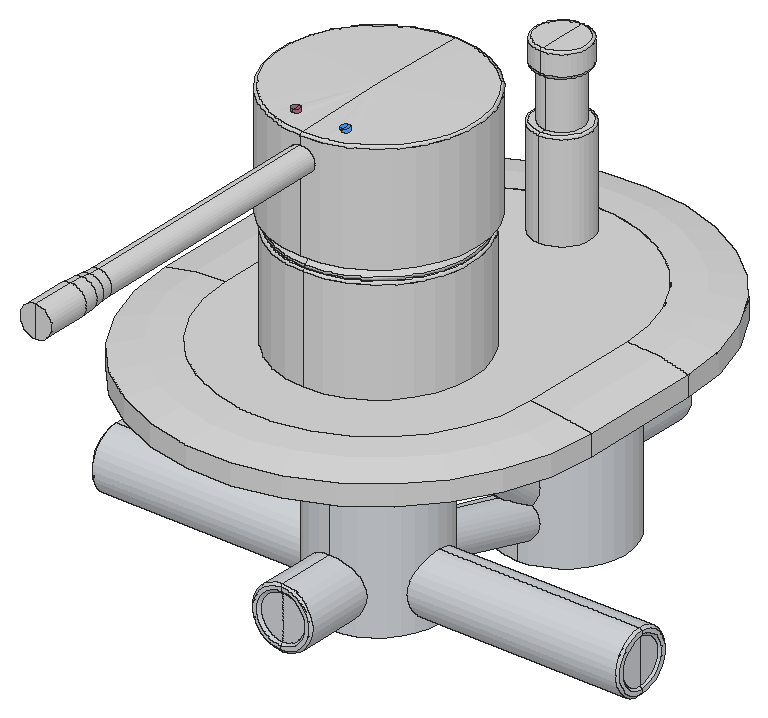
Revit family "Reece_Tap_Grohe_Essence New_Shower and Bath Mixer_With Diverter", category Plumbing Fixtures, host Face, Revit 2018
Family settings
  Host = Face
  Round Connector Dimension = Use Diameter
  Part Type = Normal
  Cut with Voids When Loaded = No
  Shared = Yes
  Room Calculation Point = Yes
Parameters (values of type "Chrome")
  WFU = 0  # constant formula
  URL = "https://www.reece.com.au/product/-9509698"
  Type Comments = "Tap"
  Reece_Tap_Inlet = 12 mm  # constant formula
  Reece_Stand_Baseplate_Radius = 81.5 mm  # constant formula
  Reece_Product_Web Page = "https://www.reece.com.au/product/-9509698"
  Reece_Product_Type = "Tap"  # constant formula
  Reece_Product_Sub Brand = "Essence New"  # constant formula
  Reece_Product_Number = "9509698"
  Reece_Product_Mount = "Wall Mounted"
  Reece_Product_Description = "Grohe Essence New Shower / Bath Mixer Tap with Diverter Chrome (V2)"
  Reece_Product_Brand = "Grohe"  # constant formula
  Reece_Overall_Width = 105 mm
  Reece_Overall_Projection = 64 mm  # constant formula
  Reece_Overall_Length [instance] = 188 mm
  Reece_Material_Tap_Hot = Render_Hot_Water_Cap
  Reece_Material_Tap_Cold = Render_Cold_Water_Cap
  Reece_Material-Main = Reece_Brass_Chrome
  Reece_Detail_Shape = ""
  Reece_Detail_Installation = "Shower / Bath Mixer"  # constant formula
  Reece_Detail_Disclaimer = "THIS FILE IS THE PROPERTY OF THE REECE GROUP. IT MAY NOT BE REPRODUCED, REVERSE-ENGINEERED OR MODIFIED. ANY REPUBLICATION, TRANSMISSION OR DISTRIBUTION FOR THE PURPOSE OF COMMERCIALLY EXPLOITING THE FILES IS PROHIBITED."  # constant formula
  Reece_Detail_Connector = ""
  Reece_Detail_Additional = "Diverter"  # constant formula
  Model = "Essence New"
  Manufacturer = "Grohe"
  Length_2 = 120.5 mm
  Length_1 = 67.5 mm
  Keynote = "Product #9509698, Reece_Tap_Grohe_Essence New_Shower and Bath Mixer_With Diverter - Chrome"
  HWFU = 0  # constant formula
  Disclaimer = "THIS FILE IS THE PROPERTY OF THE REECE GROUP. IT MAY NOT BE REPRODUCED, REVERSE-ENGINEERED OR MODIFIED. ANY REPUBLICATION, TRANSMISSION OR DISTRIBUTION FOR THE PURPOSE OF COMMERCIALLY EXPLOITING THE FILES IS PROHIBITED."  # constant formula
  Description = "Grohe Essence New Shower / Bath Mixer Tap with Diverter Chrome (V2)"
  Default Elevation = 1000 mm
  CWFU = 0  # constant formula
  163 mm_Baseplate = no
  135 mm _Baseplate = not([163 mm_Baseplate])  # yes
Types (5, lengths in mm): name | URL | Reece_Product_Web Page | Reece_Product_Number | Reece_Product_Description | Reece_Overall_Width | Reece_Material-Main | Length_2 | Length_1 | Keynote | Description | 163 mm_Baseplate | 135 mm _Baseplate
  (no name) | "https://www.reece.com.au/product/-9509698" | "https://www.reece.com.au/product/-9509698" | "9509698" | "Grohe Essence New Shower / Bath Mixer Tap with Diverter Chrome (V2)" | 105 | Reece_Brass_Chrome | 120.5 | 67.5 | "Product #9509698, Reece_Tap_Grohe_Essence New_Shower and Bath Mixer_With Diverter -  " | "Grohe Essence New Shower / Bath Mixer Tap with Diverter Chrome (V2)" | no | yes
  Chrome | "https://www.reece.com.au/product/-9509698" | "https://www.reece.com.au/product/-9509698" | "9509698" | "Grohe Essence New Shower / Bath Mixer Tap with Diverter Chrome (V2)" | 105 | Reece_Brass_Chrome | 120.5 | 67.5 | "Product #9509698, Reece_Tap_Grohe_Essence New_Shower and Bath Mixer_With Diverter - Chrome" | "Grohe Essence New Shower / Bath Mixer Tap with Diverter Chrome (V2)" | no | yes
  Hard Graphite | "https://www.reece.com.au/product/-9509704" | "https://www.reece.com.au/product/-9509704" | "9509704" | "Grohe Essence New Shower / Bath Mixer Tap with Diverter Hard Graphite (V2)" | 163 | Reece_Metal_Hard Graphite | 106.5 | 81.5 | "Product #9509704, Reece_Tap_Grohe_Essence New_Shower and Bath Mixer_With Diverter - Hard Graphite" | "Grohe Essence New Shower / Bath Mixer Tap with Diverter Hard Graphite (V2)" | yes | no
  Brushed Nickel | "https://www.reece.com.au/product/-9509703" | "https://www.reece.com.au/product/-9509703" | "9509703" | "Grohe Essence New Shower / Bath Mixer Tap with Diverter Brushed Nickel (V2)" | 163 | Reece_Brass_Brushed Nickel | 106.5 | 81.5 | "Product #9509703, Reece_Tap_Grohe_Essence New_Shower and Bath Mixer_With Diverter - Brushed Nickel" | "Grohe Essence New Shower / Bath Mixer Tap with Diverter Brushed Nickel (V2)" | yes | no
  Brushed Cool Sunrise | "https://www.reece.com.au/product/-9509705" | "https://www.reece.com.au/product/-9509705" | "9509705" | "Grohe Essence New Shower / Bath Mixer Tap with Diverter Brushed Cool Sunrise (V2)" | 163 | Reece_Metal_Brushed_Cool Sunrise | 106.5 | 81.5 | "Product #9509705, Reece_Tap_Grohe_Essence New_Shower and Bath Mixer_With Diverter - Brushed Cool Sunrise" | "Grohe Essence New Shower / Bath Mixer Tap with Diverter Brushed Cool Sunrise (V2)" | yes | no
Reference planes
  plane 1 "Center (Front/Back)": y = 0
  plane 2: z = 0
  plane 3 "Center (Left/Right)": x = 0
  plane 4: y = -50.7
  plane 5: y = -105.5
  plane 6: z = 64
  plane 7: y = -50.7
  plane 8: y = -105.5
  plane 9: y = -50.7
  plane 10: y = -105.5
  plane 11: y = 67.5
  plane 12: y = -120.5
  plane 13: x = -52.5
  plane 14: x = 52.5
Forms (mm)
  Revolve 1, solid, material "Reece_Brass_Chrome" <- "Reece_Material-Main", visible <- "163 mm_Baseplate"
    sketch origin (0, 0, 23) x (0, 1, 0) y (0, 0, -1)
      loop
        line (81.5, 12.992) -> (81.5, 23) -> (0, 23) -> (0, 11) -> (50, 11)
        arc (50, 11) -> (65.781, 11.498) -> (81.5, 12.992) r 250.072
      axis (0, 11) -> (0, 23)
    angle from 0 to 360
  Revolve 2, solid, material "Reece_Brass_Chrome" <- "Reece_Material-Main"
    sketch origin (0, -17.334, -109.007) x (0, 1, 0) y (0, 0, 1)
      loop
        arc (2.5, 173) -> (-9.308, 172.91) -> (-21.109, 172.514) r 455.117
        arc (-21.109, 172.514) -> (-21.504, 172.334) -> (-21.666, 171.931) r 0.584
        line (-21.666, 171.931) -> (-21.666, 145.342) -> (-20.068, 145.342) -> (-20.166, 146.19) -> (-20.166, 149.9) -> (2.5, 149.9) -> (2.5, 173)
      axis (2.5, 173) -> (2.5, 145.342)
    angle from 0 to 360
  Revolve 3, solid, material "Reece_Brass_Chrome" <- "Reece_Material-Main", visible <- "163 mm_Baseplate"
    sketch origin (0, -291.273, 250.715) x (0, -0.990268, -0.139173) y (0, 0.139173, -0.990268)
      loop
        arc (-166.132, 222.142) -> (-167.895, 222.331) -> (-169.667, 222.404) r 27.035
        line (-169.667, 222.404) -> (-172.075, 222.424)
        arc (-172.075, 222.424) -> (-173.404, 222.479) -> (-174.726, 222.621) r 20.282
        line (-174.726, 222.621) -> (-225.984, 229.825) -> (-226.423, 226.698) -> (-156.117, 216.817) -> (-155.578, 220.658) -> (-166.132, 222.142)
      axis (-156.117, 216.817) -> (-226.423, 226.698)
    angle from 0 to 360
  Revolve 4, solid, material "Render_Hot_Water_Cap" <- "Reece_Material_Tap_Hot"
    sketch origin (-6.131, -112.842, 49.478) x (0, 0.053171, -0.998585) y (0, -0.998585, -0.053171)
      loop
        line (-9.096, -80.7) -> (-10.599, -80.7) -> (-10.599, -81.7) -> (-9.096, -81.7) -> (-9.096, -80.7)
      axis (-9.096, -80.7) -> (-10.599, -80.7)
    angle from 0 to 360
  Revolve 5, solid, material "Render_Cold_Water_Cap" <- "Reece_Material_Tap_Cold"
    sketch origin (6.131, -112.842, 49.478) x (0, 0.053171, -0.998585) y (0, 0.998585, 0.053171)
      loop
        line (-9.096, 80.7) -> (-9.096, 81.7) -> (-10.599, 81.7) -> (-10.599, 80.7) -> (-9.096, 80.7)
      axis (-9.096, 80.7) -> (-10.599, 80.7)
    angle from 0 to 360
  Revolve 6, solid, material "Reece_Brass_Chrome" <- "Reece_Material-Main", visible <- "163 mm_Baseplate"
    sketch origin (0, -15, -2.659) x (0, 1, 0) y (0, 0, 1)
      loop
        line (-23, 14.659) -> (0, 14.659) -> (0, 41.56) -> (-15.05, 41.56) -> (-15.05, 45.39)
        arc (-15.05, 45.39) -> (-19.066, 41.146) -> (-22.489, 36.411) r 44.331
        arc (-22.489, 36.411) -> (-22.519, 35.999) -> (-22.196, 35.742) r 0.442
        line (-22.196, 35.742) -> (-21.215, 35.56) -> (-22.476, 35.56)
        arc (-22.476, 35.56) -> (-22.846, 35.406) -> (-23, 35.035) r 0.524
        line (-23, 35.035) -> (-23, 14.659)
      axis (0, 45.39) -> (0, 14.659)
    angle from 0 to 360
  Revolve 7, solid, material "Reece_Brass_Chrome" <- "Reece_Material-Main", visible <- "163 mm_Baseplate"
    sketch origin (0, -16, 0) x (0, 1, 0) y (0, 0, 1)
      loop
        arc (64.5, 30.704) -> (64.354, 31.056) -> (64.002, 31.202) r 0.498
        line (64.002, 31.202) -> (62.5, 31.202) -> (62.5, 43.678) -> (63.495, 43.678)
        arc (63.495, 43.678) -> (63.858, 43.829) -> (64.009, 44.192) r 0.514
        line (64.009, 44.192) -> (64.009, 49.178)
        arc (64.009, 49.178) -> (63.862, 49.532) -> (63.509, 49.678) r 0.5
        line (63.509, 49.678) -> (57.5, 49.678) -> (57.5, 12) -> (64.5, 12) -> (64.5, 30.704)
      axis (57.5, 49.678) -> (57.5, 12)
    angle from 0 to 360
  Revolve 8, solid
    sketch origin (0, -15, -15) x (1, 0, 0) y (0, 0, 1)
      loop
        line (0, -26) -> (64.412, -26) -> (64.412, -20.608) -> (65, -20.019) -> (65, -19.088) -> (64.412, -18.5) -> (0, -18.5) -> (0, -26)
      axis (0, -26) -> (65, -26)
    angle from 0 to 360
  Revolve 9, solid
    sketch origin (0, -15, -15) x (-1, 0, 0) y (0, 0, -1)
      loop
        line (0, 26) -> (0, 18.5) -> (64.412, 18.5) -> (65, 19.088) -> (65, 20.019) -> (64.412, 20.608) -> (64.412, 26) -> (0, 26)
      axis (0, 26) -> (65, 26)
    angle from 0 to 360
  Revolve 10, solid
    sketch origin (0, 42.5, -15) x (0, 1, 0) y (0, 0, 1)
      loop
        line (0, -26) -> (29.412, -26) -> (29.412, -20.608) -> (30, -20.019) -> (30, -19.088) -> (29.412, -18.5) -> (0, -18.5) -> (0, -26)
      axis (0, -26) -> (30, -26)
    angle from 0 to 360
  Sweep 11, solid
    path origin (0, -4.147, -71.382) x (0, 0.939693, 0.34202) y (0, 0.34202, -0.939693)
      loop
        line (49.641, 0) -> (8.683, -28.679)
    profile origin (0, 18.352, -47.934) x (0, -0.258819, -0.965926) y (1, 0, 0)
      loop
        circle (0, 0) r 5
  Revolve 12, solid
    sketch origin (0, -15, -15) x (0, -1, 0) y (0, 0, 1)
      loop
        line (0, -26) -> (29.412, -26) -> (29.412, -20.608) -> (30, -20.019) -> (30, -19.088) -> (29.412, -18.5) -> (0, -18.5) -> (0, -26)
      axis (0, -26) -> (30, -26)
    angle from 0 to 360
  Extrusion 13, void
    sketch origin (0, -15, 0) x (-1, 0, 0) y (0, 1, 0)
      loop
        circle (0, 0) r 29.969
      loop
        circle (0, 57.5) r 20
    from 52.029 to 0
  Revolve 14, solid
    sketch origin (0, -15, 0) x (0, 1, 0) y (0, 0, 1)
      loop
        line (0, 0) -> (-25, 0) -> (-25, -10) -> (-15, -10) -> (-15, -50) -> (0, -50) -> (0, 0)
      axis (0, -50) -> (0, 0)
    angle from 0 to 360
  Revolve 15, solid
    sketch origin (0, 42.5, 0) x (0, 1, 0) y (0, 0, 1)
      loop
        line (0, 0) -> (-15, 0) -> (-15, -60) -> (0, -60) -> (0, 0)
      axis (0, -60) -> (0, 0)
    angle from 0 to 360
  Sweep 16, solid
    path origin (0, -7.073, -51.806) x (0, 0.99863, -0.052336) y (0, -0.052336, -0.99863)
      loop
        line (49.641, 0) -> (1.723, -36.109)
    profile origin (0, 19.519, -35.121) x (0, -0.642788, -0.766044) y (1, 0, 0)
      loop
        circle (0, 0) r 5
  Revolve 17, void
    sketch origin (0, -291.273, 250.715) x (0, -0.990268, -0.139173) y (0, 0.139173, -0.990268)
      loop
        line (-219.813, 225.769) -> (-219.373, 228.896) -> (-225.984, 229.825) -> (-226.423, 226.698) -> (-219.813, 225.769)
      axis (-219.813, 225.769) -> (-226.423, 226.698)
    angle from 0 to 360
  Revolve 18, solid, material "Reece_Brass_Chrome" <- "Reece_Material-Main", visible <- "135 mm _Baseplate"
    sketch origin (0, -291.273, 250.715) x (0, -0.990268, -0.139173) y (0, 0.139173, -0.990268)
      loop
        arc (-152.268, 220.193) -> (-154.031, 220.382) -> (-155.803, 220.455) r 27.035
        line (-155.803, 220.455) -> (-158.211, 220.476)
        arc (-158.211, 220.476) -> (-159.54, 220.531) -> (-160.863, 220.672) r 20.282
        line (-160.863, 220.672) -> (-225.984, 229.825) -> (-226.423, 226.698) -> (-142.254, 214.869) -> (-141.714, 218.71) -> (-152.268, 220.193)
      axis (-142.254, 214.869) -> (-226.423, 226.698)
    angle from 0 to 360
  Revolve 19, solid, material "Reece_Brass_Chrome" <- "Reece_Material-Main", visible <- "135 mm _Baseplate"
    sketch origin (0, -15, -2.659) x (0, 1, 0) y (0, 0, 1)
      loop
        line (-23, 9.659) -> (0, 9.659) -> (0, 41.56) -> (-15.05, 41.56) -> (-15.05, 45.39)
        arc (-15.05, 45.39) -> (-19.066, 41.146) -> (-22.489, 36.411) r 44.331
        arc (-22.489, 36.411) -> (-22.519, 35.999) -> (-22.196, 35.742) r 0.442
        line (-22.196, 35.742) -> (-21.215, 35.56) -> (-22.476, 35.56)
        arc (-22.476, 35.56) -> (-22.846, 35.406) -> (-23, 35.035) r 0.524
        line (-23, 35.035) -> (-23, 9.659)
      axis (0, 45.39) -> (0, 9.659)
    angle from 0 to 360
  Revolve 20, solid, material "Reece_Brass_Chrome" <- "Reece_Material-Main", visible <- "135 mm _Baseplate"
    sketch origin (0, -16, 0) x (0, 1, 0) y (0, 0, 1)
      loop
        arc (64.5, 30.704) -> (64.354, 31.056) -> (64.002, 31.202) r 0.498
        line (64.002, 31.202) -> (62.5, 31.202) -> (62.5, 43.678) -> (63.495, 43.678)
        arc (63.495, 43.678) -> (63.858, 43.829) -> (64.009, 44.192) r 0.514
        line (64.009, 44.192) -> (64.009, 49.178)
        arc (64.009, 49.178) -> (63.862, 49.532) -> (63.509, 49.678) r 0.5
        line (63.509, 49.678) -> (57.5, 49.678) -> (57.5, 7) -> (64.5, 7) -> (64.5, 30.704)
      axis (57.5, 49.678) -> (57.5, 7)
    angle from 0 to 360
  Sweep 21, solid, material "Reece_Brass_Chrome" <- "Reece_Material-Main", visible <- "135 mm _Baseplate"
    path origin (-259, 0, 0) x (1, 0, 0) y (0, 1, 0)
      loop
        arc (206.5, -15) -> (259, -67.5) -> (311.5, -15) r 52.5
        line (311.5, -15) -> (311.5, 15)
        arc (311.5, 15) -> (259, 67.5) -> (206.5, 15) r 52.5
        line (206.5, 15) -> (206.5, -15)
    profile origin (-52.5, 0, 0) x (-1, 0, 0) y (0, 0, 1)
      loop
        line (0, 0) -> (0, 5)
        arc (0, 5) -> (-7.434, 6.498) -> (-15, 7) r 57.25
        line (-15, 7) -> (-28.5, 7) -> (-28.5, 0) -> (0, 0)
  Extrusion 22, solid, material "Reece_Brass_Chrome" <- "Reece_Material-Main", visible <- "135 mm _Baseplate"
    sketch origin (-259, 0, 0) x (1, 0, 0) y (0, 1, 0)
      loop
        line (235, 15) -> (235, -15)
        arc (235, -15) -> (259, -39) -> (283, -15) r 24
        line (283, -15) -> (283, 15)
        arc (283, 15) -> (259, 39) -> (235, 15) r 24
    from 0 to 7
  Revolve 23, void
    sketch origin (-6.131, -112.842, 49.478) x (0, 0.053171, -0.998585) y (0, -0.998585, -0.053171)
      loop
        line (-9.096, -80.7) -> (-10.599, -80.7) -> (-10.599, -81.7) -> (-9.096, -81.7) -> (-9.096, -80.7)
      axis (-9.096, -80.7) -> (-10.599, -80.7)
    angle from 0 to 360
  Revolve 24, void
    sketch origin (6.131, -112.842, 49.478) x (0, 0.053171, -0.998585) y (0, 0.998585, 0.053171)
      loop
        line (-9.096, 80.7) -> (-9.096, 81.7) -> (-10.599, 81.7) -> (-10.599, 80.7) -> (-9.096, 80.7)
      axis (-9.096, 80.7) -> (-10.599, 80.7)
    angle from 0 to 360
Cuts and joins
  joined: Revolve 8, Revolve 9, Revolve 10, Sweep 11, Revolve 12, Revolve 14, Revolve 15, Sweep 16
  Extrusion 13, Revolve 17, Revolve 23, Revolve 24 cuts Revolve 2
  Extrusion 13 cuts Revolve 1
  Extrusion 13 cuts Revolve 3
  Extrusion 13 cuts Revolve 6
  joined: Sweep 21, Extrusion 22
Text (mm)
  text "Reece Copyright © 2018, Reece Ltd." at (-456.583, -307.713, 0), in view "Ref. Level"
  text "Reece ©" at (-7.653, 198.338, 183.77), in view "Reece Preview"
Dimensions and locks
  "Length_1": plane 1 "Center (Front/Back)" to plane 11
  "Length_2": plane 12 to plane 1 "Center (Front/Back)"
  "Reece_Overall_Length": plane 11 to plane 12
  "Reece_Overall_Width": plane 13 to plane 14
  equal spacing: plane 13, plane 3 "Center (Left/Right)", plane 14
  "Reece_Overall_Projection": plane 6 to plane 2
  plane 11 to plane 12 = 188 mm
  plane 13 to plane 14 = 105 mm
  aligned and locked: plane 2 to host face
  aligned and locked: level to host face
  aligned and locked: Revolve 2 sketch curve to Revolve 2 sketch curve
  aligned and locked: Revolve 1 sketch curve to plane 1 "Center (Front/Back)"
Automatic sketch dimensions
  host sketch curve to host sketch curve = 481.758 mm
  host sketch curve to host sketch curve = 479.681 mm
  Revolve 2 sketch curve to Revolve 2 sketch curve = 0.584 mm
  plane 1 "Center (Front/Back)" to Revolve 2 sketch curve = 17.279 mm
  plane 1 "Center (Front/Back)" to Revolve 2 sketch curve = 14.834 mm
  Revolve 2 sketch curve to level = 391.117 mm
  level to Revolve 2 sketch curve = 36.336 mm
  Revolve 2 sketch curve to Revolve 2 sketch curve = 0.848 mm
  Revolve 2 sketch curve to Revolve 2 sketch curve = 3.71 mm
  Revolve 2 sketch curve to Revolve 2 sketch curve = 22.031 mm
  Revolve 2 sketch curve to Revolve 2 sketch curve = 23.1 mm
  Revolve 2 sketch curve to Revolve 2 sketch curve = 58.7 mm
  level to Revolve 3 sketch curve = 57.735 mm
  Revolve 3 sketch curve to Revolve 3 sketch curve = 0.439 mm
  Revolve 3 sketch curve to Revolve 3 sketch curve = 18.609 mm
  Revolve 3 sketch curve to Revolve 3 sketch curve = 2.652 mm
  Revolve 3 sketch curve to Revolve 3 sketch curve = 2.823 mm
  Revolve 3 sketch curve to Revolve 3 sketch curve = 13.777 mm
  Revolve 3 sketch curve to Revolve 3 sketch curve = 2.408 mm
  Revolve 3 sketch curve to Revolve 3 sketch curve = 8.117 mm
  Revolve 3 sketch curve to Revolve 3 sketch curve = 81.131 mm
  Revolve 3 sketch curve to Revolve 3 sketch curve = 11.402 mm
  Revolve 3 sketch curve to Revolve 3 sketch curve = 1.141 mm
  level to Revolve 4 sketch curve = 64.406 mm
  Revolve 4 sketch curve to Revolve 4 sketch curve = 1.502 mm
  Revolve 4 sketch curve to Revolve 4 sketch curve = 1 mm
  Revolve 4 sketch curve to Revolve 4 sketch curve = 4.421 mm
  Revolve 4 sketch curve to Revolve 4 sketch curve = 6.185 mm
  Revolve 4 sketch curve to Revolve 4 sketch curve = 0 mm
  level to Revolve 5 sketch curve = 64.406 mm
  Revolve 5 sketch curve to Revolve 5 sketch curve = 1.502 mm
  Revolve 5 sketch curve to Revolve 5 sketch curve = 1 mm
  Revolve 5 sketch curve to Revolve 5 sketch curve = 4.421 mm
  Revolve 5 sketch curve to Revolve 5 sketch curve = 6.185 mm
  Revolve 5 sketch curve to Revolve 5 sketch curve = 0 mm
  plane 1 "Center (Front/Back)" to Revolve 6 sketch curve = 15 mm  (x2)
  Revolve 6 sketch curve to Revolve 6 sketch curve = 0.28 mm
  level to Revolve 6 sketch curve = 10.204 mm
  Revolve 6 sketch curve to plane 1 "Center (Front/Back)" = 0.071 mm
  Revolve 6 sketch curve to Revolve 6 sketch curve = 20.376 mm
  Revolve 6 sketch curve to Revolve 6 sketch curve = 0 mm
  Revolve 6 sketch curve to Revolve 6 sketch curve = 0.182 mm
  Revolve 6 sketch curve to Revolve 6 sketch curve = 6 mm
  Revolve 6 sketch curve to Revolve 6 sketch curve = 3.83 mm
  Revolve 6 sketch curve to level = 343.469 mm
  Revolve 8 sketch curve to plane 3 "Center (Left/Right)" = 0 mm  (x2)
  Revolve 8 sketch curve to Revolve 8 sketch curve = 0 mm  (x2)
  Revolve 8 sketch curve to Revolve 8 sketch curve = 0.588 mm  (x2)
  Revolve 8 sketch curve to level = 41 mm
  Revolve 8 sketch curve to Revolve 8 sketch curve = 5.392 mm
  Revolve 8 sketch curve to Revolve 8 sketch curve = 0.931 mm
  Revolve 8 sketch curve to Revolve 8 sketch curve = 7.5 mm
  Revolve 8 sketch curve to Revolve 8 sketch curve = 12 mm
  Revolve 9 sketch curve to plane 3 "Center (Left/Right)" = 0 mm  (x2)
  Revolve 9 sketch curve to Revolve 9 sketch curve = 0 mm  (x2)
  Revolve 9 sketch curve to Revolve 9 sketch curve = 0.588 mm  (x3)
  Revolve 9 sketch curve to level = 33.5 mm
  Revolve 9 sketch curve to Revolve 9 sketch curve = 0.931 mm
  Revolve 9 sketch curve to Revolve 9 sketch curve = 7.5 mm
  Revolve 9 sketch curve to Revolve 9 sketch curve = 12 mm
  Revolve 10 sketch curve to plane 1 "Center (Front/Back)" = 42.5 mm
  Revolve 10 sketch curve to Revolve 10 sketch curve = 29.412 mm
  Revolve 10 sketch curve to Revolve 10 sketch curve = 0 mm  (x3)
  Revolve 10 sketch curve to Revolve 10 sketch curve = 0.588 mm  (x2)
  Revolve 10 sketch curve to level = 41 mm
  Revolve 10 sketch curve to Revolve 10 sketch curve = 5.392 mm
  Revolve 10 sketch curve to Revolve 10 sketch curve = 0.931 mm
  Revolve 10 sketch curve to Revolve 10 sketch curve = 7.5 mm
  Revolve 10 sketch curve to Revolve 10 sketch curve = 3.5 mm
  Sweep 11 sketch curve to plane 1 "Center (Front/Back)" = 5.796 mm
  level to Sweep 11 sketch curve = 41.463 mm
  Sweep 11 sketch curve to Sweep 11 sketch curve = 40.958 mm
  Sweep 11 sketch curve to Sweep 11 sketch curve = 28.679 mm
  Sweep 11 sketch curve to profile plane = 0 mm  (x2)
  Revolve 12 sketch curve to plane 1 "Center (Front/Back)" = 15 mm  (x2)
  Revolve 12 sketch curve to Revolve 12 sketch curve = 0 mm  (x2)
  Revolve 12 sketch curve to Revolve 12 sketch curve = 0.588 mm  (x2)
  level to Revolve 12 sketch curve = 41 mm
  Revolve 12 sketch curve to Revolve 12 sketch curve = 5.392 mm
  Revolve 12 sketch curve to Revolve 12 sketch curve = 0.931 mm
  Revolve 12 sketch curve to Revolve 12 sketch curve = 7.5 mm
  Revolve 12 sketch curve to Revolve 12 sketch curve = 3.5 mm
  Extrusion 13 sketch curve to plane 3 "Center (Left/Right)" = 0 mm  (x2)
  plane 1 "Center (Front/Back)" to Extrusion 13 sketch curve = 15 mm
  Extrusion 13 sketch curve to Extrusion 13 sketch curve = 57.5 mm
  level to Revolve 7 sketch curve = 12 mm
  Revolve 7 sketch curve to plane 1 "Center (Front/Back)" = 41.5 mm
  Revolve 7 sketch curve to Revolve 7 sketch curve = 5 mm
  Revolve 7 sketch curve to Revolve 7 sketch curve = 1.009 mm
  Revolve 7 sketch curve to Revolve 7 sketch curve = 0.995 mm
  Revolve 7 sketch curve to Revolve 7 sketch curve = 1.502 mm
  Revolve 7 sketch curve to Revolve 7 sketch curve = 0.5 mm
  Revolve 7 sketch curve to Revolve 7 sketch curve = 7 mm
  Revolve 7 sketch curve to Revolve 7 sketch curve = 18.704 mm
  Revolve 7 sketch curve to Revolve 7 sketch curve = 12.476 mm
  Revolve 7 sketch curve to Revolve 7 sketch curve = 4.986 mm
  Revolve 7 sketch curve to Revolve 7 sketch curve = 0 mm
  Revolve 7 sketch curve to level = 23 mm
  Revolve 7 sketch curve to Revolve 7 sketch curve = 2.678 mm
  Revolve 2 sketch curve to Revolve 2 sketch curve = 22.568 mm
  Revolve 2 sketch curve to Revolve 2 sketch curve = 0.098 mm
  Revolve 2 sketch curve to Revolve 2 sketch curve = 0.916 mm
  Revolve 3 sketch curve to Revolve 3 sketch curve = 51.257 mm
  plane 1 "Center (Front/Back)" to Revolve 4 sketch curve = 31.821 mm
  plane 1 "Center (Front/Back)" to Revolve 5 sketch curve = 31.821 mm
  Revolve 6 sketch curve to Revolve 6 sketch curve = 15.05 mm
  Revolve 6 sketch curve to Revolve 6 sketch curve = 6.165 mm
  Revolve 6 sketch curve to Revolve 6 sketch curve = 0.9 mm
  Revolve 6 sketch curve to Revolve 6 sketch curve = 0.081 mm
  Revolve 12 sketch curve to Revolve 12 sketch curve = 29.412 mm
  Revolve 14 sketch curve to level = 0 mm
  plane 1 "Center (Front/Back)" to Revolve 14 sketch curve = 15 mm  (x2)
  Revolve 14 sketch curve to Revolve 14 sketch curve = 10 mm
  Revolve 14 sketch curve to level = 10 mm
  Revolve 14 sketch curve to Revolve 14 sketch curve = 40 mm  (x2)
  Revolve 15 sketch curve to level = 0 mm
  Revolve 15 sketch curve to Revolve 15 sketch curve = 60 mm
  Revolve 15 sketch curve to Revolve 15 sketch curve = 30 mm
  level to Sweep 16 sketch curve = 15.837 mm
  Sweep 16 sketch curve to plane 1 "Center (Front/Back)" = 3.463 mm
  Sweep 16 sketch curve to Sweep 16 sketch curve = 47.918 mm
  Sweep 16 sketch curve to Sweep 16 sketch curve = 36.109 mm
  Sweep 16 sketch curve to profile plane = 0 mm  (x2)
  plane 1 "Center (Front/Back)" to Revolve 14 sketch curve = 30 mm
  Revolve 15 sketch curve to Revolve 15 sketch curve = 15 mm
  Revolve 2 sketch curve to Revolve 2 sketch curve = 2176.697 mm
  Revolve 6 sketch curve to Revolve 6 sketch curve = 2355.313 mm
  Revolve 14 sketch curve to plane 6 = 26.071 mm
  Revolve 15 sketch curve to plane 6 = 26.071 mm
  Revolve 1 sketch curve to plane 1 "Center (Front/Back)" = 0 mm
  Revolve 1 sketch curve to level = 0 mm
  level to Revolve 1 sketch curve = 10.008 mm
  level to Revolve 1 sketch curve = 12 mm
  Revolve 1 sketch curve to plane 6 = 693.165 mm
  Revolve 1 sketch curve to Revolve 1 sketch curve = 79.737 mm
  Revolve 6 sketch curve to Revolve 6 sketch curve = 0.524 mm
  level to Revolve 6 sketch curve = 12 mm
  Revolve 17 sketch curve to plane 7 = 0 mm
  plane 6 to Revolve 17 sketch curve = 6.265 mm
  plane 7 to Revolve 17 sketch curve = 15.196 mm
  Revolve 17 sketch curve to Revolve 17 sketch curve = 0.439 mm
  Revolve 17 sketch curve to Revolve 17 sketch curve = 6.61 mm
  Revolve 17 sketch curve to Revolve 17 sketch curve = 0.929 mm
  Revolve 17 sketch curve to Revolve 17 sketch curve = 7.007 mm
  Revolve 17 sketch curve to Revolve 17 sketch curve = 8.439 mm
  Revolve 17 sketch curve to Revolve 17 sketch curve = 0.985 mm
  plane 6 to Revolve 18 sketch curve = 6.265 mm
  plane 9 to Revolve 18 sketch curve = 15.196 mm
  Revolve 18 sketch curve to Revolve 18 sketch curve = 0.439 mm
  Revolve 18 sketch curve to Revolve 18 sketch curve = 18.609 mm
  Revolve 18 sketch curve to Revolve 18 sketch curve = 2.652 mm
  Revolve 18 sketch curve to Revolve 18 sketch curve = 2.823 mm
  Revolve 18 sketch curve to Revolve 18 sketch curve = 13.777 mm
  Revolve 18 sketch curve to Revolve 18 sketch curve = 2.408 mm
  Revolve 18 sketch curve to Revolve 18 sketch curve = 8.117 mm
  Revolve 18 sketch curve to Revolve 18 sketch curve = 67.267 mm
  Revolve 18 sketch curve to Revolve 18 sketch curve = 9.454 mm
  Revolve 18 sketch curve to Revolve 18 sketch curve = 1.141 mm
  Revolve 19 sketch curve to Revolve 19 sketch curve = 0.524 mm
  Revolve 19 sketch curve to Revolve 19 sketch curve = 0.28 mm
  Revolve 19 sketch curve to Revolve 19 sketch curve = 0.081 mm
  Revolve 19 sketch curve to Revolve 19 sketch curve = 0.981 mm
  Revolve 19 sketch curve to Revolve 19 sketch curve = 6.165 mm
  plane 1 "Center (Front/Back)" to Revolve 19 sketch curve = 15 mm  (x2)
  Revolve 19 sketch curve to plane 1 "Center (Front/Back)" = 0.071 mm
  level to Revolve 19 sketch curve = 10.204 mm
  level to Revolve 19 sketch curve = 7 mm
  Revolve 19 sketch curve to Revolve 19 sketch curve = 25.376 mm
  Revolve 19 sketch curve to Revolve 19 sketch curve = 0 mm
  Revolve 19 sketch curve to Revolve 19 sketch curve = 0.182 mm
  Revolve 19 sketch curve to Revolve 19 sketch curve = 6 mm
  Revolve 19 sketch curve to Revolve 19 sketch curve = 3.83 mm
  Revolve 19 sketch curve to level = 343.469 mm
  Revolve 19 sketch curve to plane 6 = 2334.044 mm
  level to Revolve 20 sketch curve = 7 mm
  Revolve 20 sketch curve to Revolve 20 sketch curve = 5 mm
  Revolve 20 sketch curve to Revolve 20 sketch curve = 0.995 mm
  Revolve 20 sketch curve to Revolve 20 sketch curve = 0.014 mm
  Revolve 20 sketch curve to Revolve 20 sketch curve = 1.502 mm
  Revolve 20 sketch curve to Revolve 20 sketch curve = 0.514 mm
  Revolve 20 sketch curve to Revolve 20 sketch curve = 7 mm
  Revolve 20 sketch curve to Revolve 20 sketch curve = 23.704 mm
  Revolve 20 sketch curve to Revolve 20 sketch curve = 12.476 mm
  Revolve 20 sketch curve to Revolve 20 sketch curve = 4.986 mm
  Revolve 20 sketch curve to level = 23 mm
  Revolve 20 sketch curve to Revolve 20 sketch curve = 2.678 mm
  Sweep 21 sketch curve to plane 1 "Center (Front/Back)" = 15 mm
  Sweep 21 sketch curve to Sweep 21 sketch curve = 52.5 mm
  plane 1 "Center (Front/Back)" to Sweep 21 sketch curve = 15 mm
  Extrusion 22 sketch curve to plane 1 "Center (Front/Back)" = 15 mm
  plane 1 "Center (Front/Back)" to Extrusion 22 sketch curve = 15 mm
  Extrusion 22 sketch curve to Extrusion 22 sketch curve = 24 mm
  Sweep 21 sketch curve to level = 0 mm
  Sweep 21 sketch curve to profile plane = 0 mm
  profile plane to Sweep 21 sketch curve = 15 mm
  Sweep 21 sketch curve to Sweep 21 sketch curve = 13.5 mm
  level to Sweep 21 sketch curve = 7 mm
  level to Sweep 21 sketch curve = 5 mm
  Revolve 1 sketch curve to Revolve 1 sketch curve = 31.5 mm
  Revolve 15 sketch curve to plane 1 "Center (Front/Back)" = 27.5 mm
  plane 3 "Center (Left/Right)" to Revolve 8 sketch curve = 64.412 mm
  Sweep 21 sketch curve to plane 3 "Center (Left/Right)" = 0 mm
  Extrusion 22 sketch curve to plane 3 "Center (Left/Right)" = 0 mm
  Revolve 9 sketch curve to Revolve 9 sketch curve = 64.412 mm
  plane 4 to Revolve 3 sketch curve = 15.196 mm
  Revolve 3 sketch curve to Revolve 3 sketch curve = 0.54 mm
  Revolve 18 sketch curve to Revolve 18 sketch curve = 57.444 mm
  Revolve 18 sketch curve to Revolve 18 sketch curve = 0.54 mm
  Revolve 19 sketch curve to Revolve 19 sketch curve = 15.05 mm
  Revolve 1 sketch curve to plane 1 "Center (Front/Back)" = 50 mm
  Revolve 15 sketch curve to plane 1 "Center (Front/Back)" = 42.5 mm
  Revolve 20 sketch curve to plane 1 "Center (Front/Back)" = 41.5 mm
  Revolve 20 sketch curve to Revolve 20 sketch curve = 0 mm
  Revolve 23 sketch curve to plane 6 = 0.406 mm
  plane 1 "Center (Front/Back)" to Revolve 23 sketch curve = 31.821 mm
  Revolve 23 sketch curve to Revolve 23 sketch curve = 1.502 mm
  Revolve 23 sketch curve to Revolve 23 sketch curve = 1 mm
  Revolve 23 sketch curve to Revolve 23 sketch curve = 4.421 mm
  Revolve 23 sketch curve to Revolve 23 sketch curve = 6.185 mm
  Revolve 23 sketch curve to Revolve 23 sketch curve = 0 mm
  Revolve 24 sketch curve to plane 6 = 0.406 mm
  plane 1 "Center (Front/Back)" to Revolve 24 sketch curve = 31.821 mm
  Revolve 24 sketch curve to Revolve 24 sketch curve = 1.502 mm
  Revolve 24 sketch curve to Revolve 24 sketch curve = 1 mm
  Revolve 24 sketch curve to Revolve 24 sketch curve = 4.421 mm
  Revolve 24 sketch curve to Revolve 24 sketch curve = 6.185 mm
  Revolve 24 sketch curve to Revolve 24 sketch curve = 0 mm
  radius of Sweep 11 sketch curve = 5 mm
  radius of Extrusion 13 sketch curve = 29.969 mm
  radius of Extrusion 13 sketch curve = 20 mm
  radius of Sweep 16 sketch curve = 5 mm
Connectors
  piping at (-64.412, -15, -41), diameter 12, driven by "Reece_Tap_Inlet"
    settings: on cut or joined group of Revolve 8, Revolve 9, Revolve 10, Sweep 11, Revolve 12, Revolve 14, Revolve 15, Sweep 16, index 1, connector inside diameter 609.6 mm, connector length 0 mm, flow factor 0, pipe flow 0.0 L/s, pressure drop 0.0 Pa, fitting loss kfactor 0, connector angle 0.00°, fixture units 0, engagement length 0 mm, angle of deflection 0.00°, flow configuration 0, flow direction 1, fitting loss method 0, system type 29, joint type 0, gender type 0, connector reference index -1, connector utility 0, adjustable connector no, is connector primary yes, connector description ""
  piping at (64.412, -15, -41), diameter 12, driven by "Reece_Tap_Inlet"
    settings: on cut or joined group of Revolve 8, Revolve 9, Revolve 10, Sweep 11, Revolve 12, Revolve 14, Revolve 15, Sweep 16, index 2, connector inside diameter 609.6 mm, connector length 0 mm, flow factor 0, pipe flow 0.0 L/s, pressure drop 0.0 Pa, fitting loss kfactor 0, connector angle 0.00°, fixture units 0, engagement length 0 mm, angle of deflection 0.00°, flow configuration 0, flow direction 1, fitting loss method 0, system type 29, joint type 0, gender type 0, connector reference index -1, connector utility 0, adjustable connector no, is connector primary no, connector description ""
  piping at (0, 71.912, -41), diameter 12, driven by "Reece_Tap_Inlet"
    settings: on cut or joined group of Revolve 8, Revolve 9, Revolve 10, Sweep 11, Revolve 12, Revolve 14, Revolve 15, Sweep 16, index 3, connector inside diameter 609.6 mm, connector length 0 mm, flow factor 0, pipe flow 0.0 L/s, pressure drop 0.0 Pa, fitting loss kfactor 0, connector angle 0.00°, fixture units 0, engagement length 0 mm, angle of deflection 0.00°, flow configuration 0, flow direction 2, fitting loss method 0, system type 29, joint type 0, gender type 0, connector reference index -1, connector utility 0, adjustable connector no, is connector primary no, connector description ""
  piping at (0, -44.412, -41), diameter 12, driven by "Reece_Tap_Inlet"
    settings: on cut or joined group of Revolve 8, Revolve 9, Revolve 10, Sweep 11, Revolve 12, Revolve 14, Revolve 15, Sweep 16, index 4, connector inside diameter 609.6 mm, connector length 0 mm, flow factor 0, pipe flow 0.0 L/s, pressure drop 0.0 Pa, fitting loss kfactor 0, connector angle 0.00°, fixture units 0, engagement length 0 mm, angle of deflection 0.00°, flow configuration 0, flow direction 2, fitting loss method 0, system type 29, joint type 0, gender type 0, connector reference index -1, connector utility 0, adjustable connector no, is connector primary no, connector description ""
